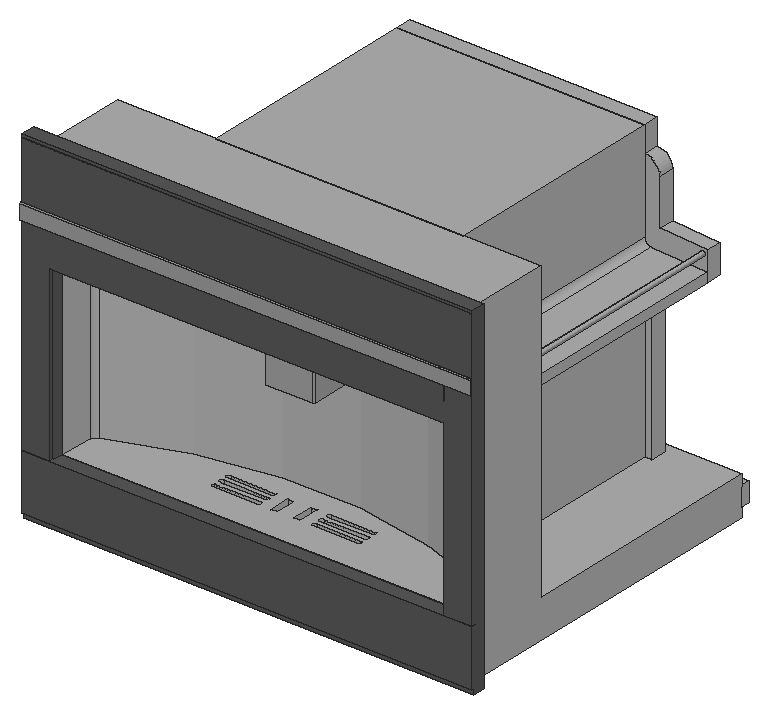
Revit family "FP-Revit20-en-EB60DSX1-CoffeeMaker-0-9000xxxx-AU-NZ-UK-IE-SG-EU", category Generic Models, Revit 2020
Family settings
  Can host rebar = No
  Round Connector Dimension = Use Diameter
  Part Type = Normal
  Work Plane-Based = No
  Always vertical = Yes
  Cut with Voids When Loaded = No
  Shared = No
  Room Calculation Point = No
Parameters (values of type "EB60DSX1")
  URL = "www.fisherpaykel.com"
  Product - width = 596 mm  # constant formula
  Product - Overall width = 596 mm  # constant formula
  Product - Overall height = 458 mm  # constant formula
  Product - Overall depth = 480 mm  # constant formula
  Model = "EB60DSX1"
  Material - Trim = Fisher & Paykel - Stainless Steel
  Manufacturer = "Fisher & Paykel Appliances"
  Material - Glass = Fisher & Paykel - Glass, Black
  Description = "Built-in Coffee Maker, 60cm"
  Default Elevation = 0 mm
  Connector Note = "220-240 V, 50Hz, 10 A"
  Chassis - width = 560 mm  # constant formula
  Chassis - Height = 445 mm  # constant formula
  Chassis - Depth = 460 mm  # constant formula
  Material - Chassis = Fisher & Paykel - Aluminium
  Cavity - minimum width = 560 mm  # constant formula
  Cavity - minimum height = 450 mm  # constant formula
  Cavity - minimum depth = 545 mm  # constant formula
Reference planes
  plane 1 "Center (Front/Back)": y = 0
  plane 2: z = 0
  plane 3 "Center (Left/Right)": x = 0
  plane 4 "Product - Overall depth ( excludes front metal rim)": y = 460
  plane 5 "Chassis LHS": x = -280
  plane 6 "Chassis RHS": x = 280
  plane 7 "Product - Overall height": z = 458
  plane 8 "Chassis - Depth": y = 460
  plane 9: x = 298
  plane 10: x = -298
  plane 11 "Chassis - Height": z = 445
  plane 12 "Cavity - minimum height": z = 450
  plane 13 "Cavity - minimum depth": y = 545
  plane 14: x = -280
  plane 15: x = 280
  plane 16: y = 415.81
  plane 17: z = 82.85
  plane 18: z = 337.8
  plane 19: z = 223.8
  plane 20: y = 105.99
  plane 21: y = 436.81
  plane 22: y = -20
Forms (mm)
  Extrusion 1, solid, material "Fisher & Paykel - Aluminium" <- "Material - Chassis"
    sketch origin (280, 320, 1200) x (0, -1, 0) y (0, 0, -1)
      loop
        line (203.99, 1148.1) -> (203.99, 755) -> (320, 755) -> (320, 1200) -> (-130.02, 1200) -> (-130.02, 1148.1) -> (203.99, 1148.1)
    from 0 to -560
  Extrusion 2, solid, material "Fisher & Paykel - Aluminium" <- "Material - Chassis"
    sketch origin (280, 320, 1200) x (0, -1, 0) y (0, 0, -1)
      loop
        line (-130.02, 1161.04) -> (-130.02, 1187.1) -> (-140, 1187.1) -> (-140, 1161.04) -> (-130.02, 1161.04)
    from 0 to -560
  Extrusion 3, void
    sketch origin (0, 0, 0) x (1, 0, 0) y (0, 1, 0)
      loop
        line (280, 0) -> (280, 545) -> (-280, 545) -> (-280, 0) -> (280, 0)
    from 0 to 450
  Extrusion 4, solid, material "Fisher & Paykel - Aluminium" <- "Material - Chassis"
    sketch origin (-240, 415.81, 1200) x (1, 0, 0) y (0, 0, 1)
      loop
        line (418, -755) -> (89.977, -755) -> (89.977, -789.634)
        arc (89.977, -789.634) -> (75.851, -795.486) -> (70, -809.611) r 19.977
        line (70, -809.611) -> (70, -870.442) -> (-21.967, -874.057) -> (-21.967, -912.701) -> (70, -916.301) -> (70, -1148.1) -> (120, -1148.1) -> (120, -797.462) -> (385.224, -797.462) -> (385.224, -1148.1) -> (428.072, -1148.1) -> (428.072, -916.301) -> (501.48, -913.095) -> (501.48, -874.451) -> (437.977, -870.586) -> (437.977, -809.2)
        arc (437.977, -809.2) -> (432.126, -795.074) -> (418, -789.223) r 19.977
        line (418, -789.223) -> (418, -755)
    from 0 to -21
  Extrusion 5, solid, material "Fisher & Paykel - Aluminium" <- "Material - Chassis"
    sketch origin (0, 0, 0) x (1, 0, 0) y (0, 1, 0)
      loop
        line (-150, 415.81) -> (-150, 116.01) -> (178, 116.01) -> (178, 415.81) -> (-150, 415.81)
    from 0 to 445
  Extrusion 6, solid, material "Fisher & Paykel - Aluminium" <- "Material - Chassis"
    sketch origin (280, 116.01, 51.9) x (0, 0, 1) y (1, 0, 0)
      loop
        line (248.347, -541.967) -> (251.508, -439.689)
        arc (251.508, -439.689) -> (254.542, -432.82) -> (261.502, -430) r 9.998
        line (261.502, -430) -> (221.348, -430)
        arc (221.348, -430) -> (228.278, -432.791) -> (231.34, -439.606) r 10
        line (231.34, -439.606) -> (235.385, -541.967) -> (248.347, -541.967)
      loop
        line (247.956, -18.52) -> (234.952, -18.52) -> (231.725, -92.436)
        arc (231.725, -92.436) -> (228.924, -99.199) -> (222.162, -102) r 9.563
        line (222.162, -102) -> (260.744, -102)
        arc (260.744, -102) -> (254.283, -99.487) -> (251.217, -93.269) r 9.564
        line (251.217, -93.269) -> (247.956, -18.52)
      loop
        circle (268.37, -535.488) r 2.947
      loop
        circle (267.958, -24.512) r 2.947
    from 0 to 299.8
  Extrusion 7, solid, material "Fisher & Paykel - Glass, Black" <- "Material - Glass"
    sketch origin (-298, -6.5, 1200) x (0, 1, 0) y (0, 0, -1)
      loop
        line (6.5, 741.968) -> (6.5, 1199) -> (-9.5, 1199) -> (-9.5, 1191) -> (-13.5, 1191) -> (-13.5, 1117.15) -> (-6.5, 1117.15) -> (-6.5, 1116.1) -> (-13.5, 1116.1) -> (-13.5, 745.801)
        arc (-13.5, 745.801) -> (-12.688, 745.211) -> (-11.707, 745) r 2.426
        line (-11.707, 745) -> (-13.5, 745) -> (-13.5, 741.968) -> (6.5, 741.968)
    from 0 to -596
  Extrusion 8, void
    sketch origin (-250, -1524, 82.85) x (0, -1, 0) y (-1, 0, 0)
      loop
        line (-1567.308, -508.097) -> (-1524, -510.211) -> (-1507.85, -511) -> (-1504, -511) -> (-1504, 11) -> (-1507.85, 11) -> (-1524, 10.211) -> (-1567.308, 8.097)
        arc (-1567.308, 8.097) -> (-1571.875, 6.578) -> (-1574.994, 2.912) r 8.947
        arc (-1574.994, 2.912) -> (-1630.581, -250) -> (-1574.994, -502.912) r 603.141
        arc (-1574.994, -502.912) -> (-1571.875, -506.578) -> (-1567.308, -508.097) r 8.947
    from 0 to -228.95
  Extrusion 9, solid, material "Default"
    sketch origin (-20, -1524, 223.8) x (0, -1, 0) y (-1, 0, 0)
      loop
        line (-1629.99, -53) -> (-1576.8, -53)
        arc (-1576.8, -53) -> (-1575.386, -52.414) -> (-1574.8, -51) r 2
        line (-1574.8, -51) -> (-1574.8, 10.993)
        arc (-1574.8, 10.993) -> (-1575.388, 12.412) -> (-1576.807, 13) r 2.007
        line (-1576.807, 13) -> (-1629.99, 13) -> (-1629.99, -53)
    from -99.7 to 0
  Extrusion 10, solid, material "Default"
    sketch origin (33, 105.99, 1200) x (-1, 0, 0) y (0, 0, 1)
      loop
        line (-30.15, -896.765) -> (-30.15, -912.089)
        arc (-30.15, -912.089) -> (-22.35, -919.89) -> (-14.549, -912.089) r 7.801
        line (-14.549, -912.089) -> (-14.549, -896.465) -> (-12.9, -896.465) -> (-12.9, -888.2) -> (-40.436, -888.2) -> (-40.436, -896.765) -> (-30.15, -896.765)
    from -44.98 to 0
  Extrusion 11, solid, material "Fisher & Paykel - Aluminium" <- "Material - Chassis"
    sketch origin (33, 61.01, 1200) x (1, 0, 0) y (0, 0, 1)
      loop
        line (24.047, -919.703) -> (24.047, -887.115) -> (20.653, -887.115) -> (20.653, -919.703)
        arc (20.653, -919.703) -> (22.35, -919.89) -> (24.047, -919.703) r 7.801
    from 0 to 13.5
  Extrusion 12, solid
    sketch origin (-150, 415.81, 0) x (1, 0, 0) y (0, 0, -1)
      loop
        line (265.224, -131.056) -> (265.224, -76.056) -> (225.224, -76.056) -> (225.224, -131.056) -> (265.224, -131.056)
    from 0 to 1.19
  Extrusion 13, solid
    sketch origin (-150, 415.81, 0) x (1, 0, 0) y (0, 0, -1)
      loop
        line (257.224, -123.056) -> (257.224, -84.056) -> (233.224, -84.056) -> (233.224, -123.056) -> (257.224, -123.056)
    from 1.19 to 21
  Extrusion 14, solid
    sketch origin (107.224, 415.81, 123.056) x (-1, 0, 0) y (0, -1, 0)
      loop
        circle (11.367, -15) r 5
    from 0 to 19.944
  Extrusion 15, void
    sketch origin (-250, -1524, 82.85) x (0, -1, 0) y (-1, 0, 0)
      loop
        line (-1597.7, -286.788) -> (-1597.7, -346.162)
        arc (-1597.7, -346.162) -> (-1594.7, -349.162) -> (-1591.7, -346.162) r 3
        line (-1591.7, -346.162) -> (-1591.7, -286.788)
        arc (-1591.7, -286.788) -> (-1594.7, -283.788) -> (-1597.7, -286.788) r 3
      loop
        line (-1585.7, -286.788) -> (-1585.7, -346.162)
        arc (-1585.7, -346.162) -> (-1582.7, -349.162) -> (-1579.7, -346.162) r 3
        line (-1579.7, -346.162) -> (-1579.7, -286.788)
        arc (-1579.7, -286.788) -> (-1582.7, -283.788) -> (-1585.7, -286.788) r 3
      loop
        line (-1573.7, -286.788) -> (-1573.7, -346.162)
        arc (-1573.7, -346.162) -> (-1570.7, -349.162) -> (-1567.7, -346.162) r 3
        line (-1567.7, -346.162) -> (-1567.7, -286.788)
        arc (-1567.7, -286.788) -> (-1570.7, -283.788) -> (-1573.7, -286.788) r 3
      loop
        arc (-1597.7, -213.212) -> (-1594.7, -216.212) -> (-1591.7, -213.212) r 3
        line (-1591.7, -213.212) -> (-1591.7, -153.838)
        arc (-1591.7, -153.838) -> (-1594.7, -150.838) -> (-1597.7, -153.838) r 3
        line (-1597.7, -153.838) -> (-1597.7, -213.212)
      loop
        arc (-1585.7, -213.212) -> (-1582.7, -216.212) -> (-1579.7, -213.212) r 3
        line (-1579.7, -213.212) -> (-1579.7, -153.838)
        arc (-1579.7, -153.838) -> (-1582.7, -150.838) -> (-1585.7, -153.838) r 3
        line (-1585.7, -153.838) -> (-1585.7, -213.212)
      loop
        arc (-1573.7, -213.212) -> (-1570.7, -216.212) -> (-1567.7, -213.212) r 3
        line (-1567.7, -213.212) -> (-1567.7, -153.838)
        arc (-1567.7, -153.838) -> (-1570.7, -150.838) -> (-1573.7, -153.838) r 3
        line (-1573.7, -153.838) -> (-1573.7, -213.212)
      loop
        line (-1597.102, -230.51) -> (-1597.102, -239.51) -> (-1568.102, -239.51) -> (-1568.102, -230.51) -> (-1597.102, -230.51)
      loop
        line (-1597.102, -260.49) -> (-1597.102, -269.49) -> (-1568.102, -269.49) -> (-1568.102, -260.49) -> (-1597.102, -260.49)
    from 0 to 9.95
  Extrusion 16, solid, material "Fisher & Paykel - Glass, Black" <- "Material - Glass"
    sketch origin (0, 0, 0) x (1, 0, 0) y (0, 0, 1)
      loop
        line (261.188, 337.8) -> (261.188, 357.8) -> (-261.188, 357.8) -> (-261.188, 337.8) -> (261.188, 337.8)
    from 0 to 20
  Extrusion 17, solid, material "Fisher & Paykel - Stainless Steel" <- "Material - Trim"
    sketch origin (280, 320, 1200) x (0, -1, 0) y (0, 0, -1)
      loop
        line (340, 822.221) -> (341, 822.221) -> (342, 824.2) -> (342, 842.2) -> (340, 842.2) -> (340, 822.221)
    from -578 to 18
Cuts and joins
  joined: Extrusion 5, Extrusion 11
  Extrusion 8 cuts Extrusion 7
  Extrusion 8, Extrusion 15 cuts Extrusion 1
Dimensions and locks
  equal spacing: plane 5 "Chassis LHS", plane 3 "Center (Left/Right)", plane 6 "Chassis RHS", locked at 280 each
  "Chassis - width": plane 5 "Chassis LHS" to plane 6 "Chassis RHS"
  "Product - Overall height": plane 7 "Product - Overall height" to level
  "Product - Overall depth": plane 22 to plane 4 "Product - Overall depth ( excludes front metal rim)"
  "Chassis - Depth": plane 8 "Chassis - Depth" to plane 1 "Center (Front/Back)"
  "Product - Overall width": plane 10 to plane 9
  "Chassis - Height": plane 11 "Chassis - Height" to level
  "Cavity - minimum height": plane 12 "Cavity - minimum height" to level
  "Cavity - minimum depth": plane 13 "Cavity - minimum depth" to plane 1 "Center (Front/Back)"
  "Cavity - minimum width": plane 14 to plane 15
  locked: plane 1 "Center (Front/Back)" to plane 21 at 436.81
  aligned and locked: level to plane 2
  aligned and locked: Extrusion 1 sketch curve to level
  aligned and locked: Extrusion 1 sketch curve to plane 1 "Center (Front/Back)"
  aligned and locked: plane 5 "Chassis LHS" to Extrusion 1
  aligned and locked: Extrusion 1 to Extrusion 2 sketch curve
  aligned and locked: Extrusion 2 sketch curve to plane 8 "Chassis - Depth"
  aligned and locked: plane 5 "Chassis LHS" to Extrusion 2
  aligned and locked: Extrusion 3 sketch curve to plane 1 "Center (Front/Back)"
  aligned and locked: Extrusion 3 sketch curve to plane 13 "Cavity - minimum depth"
  aligned and locked: Extrusion 3 sketch curve to plane 15
  aligned and locked: Extrusion 3 sketch curve to plane 14
  aligned and locked: plane 12 "Cavity - minimum height" to Extrusion 3
  aligned and locked: Extrusion 1 to Extrusion 5 sketch curve
  aligned and locked: Extrusion 4 to Extrusion 5 sketch curve
  aligned and locked: Extrusion 5 to Extrusion 1
  aligned and locked: Extrusion 1 to Extrusion 5
  aligned and locked: Extrusion 5 to Extrusion 6 sketch curve  (x2)
  aligned and locked: Extrusion 6 to Extrusion 1
  aligned and locked: Extrusion 7 sketch curve to plane 1 "Center (Front/Back)"
  aligned and locked: Extrusion 7 to Extrusion 8 sketch curve
  aligned and locked: Extrusion 10 to Extrusion 9
  aligned and locked: Extrusion 11 sketch curve to Extrusion 10
  aligned and locked: plane 9 to Extrusion 7
  aligned and locked: plane 10 to Extrusion 7
  aligned and locked: Extrusion 6 to plane 16
  aligned and locked: Extrusion 4 to Extrusion 6
  aligned and locked: Extrusion 4 to Extrusion 13
  aligned and locked: Extrusion 4 to plane 21
  aligned and locked: Extrusion 4 to cut or joined group of Extrusion 5, Extrusion 11
  aligned and locked: Extrusion 2 to plane 4 "Product - Overall depth ( excludes front metal rim)"
  aligned and locked: Extrusion 16 to cut or joined group of Extrusion 7, Extrusion 8
  aligned and locked: cut or joined group of Extrusion 7, Extrusion 8 to Extrusion 17 sketch curve
  aligned and locked: Extrusion 16 to Extrusion 17 sketch curve
  aligned and locked: plane 9 to Extrusion 17
  aligned and locked: plane 10 to Extrusion 17
Automatic sketch dimensions
  level to Extrusion 4 sketch curve = 51.9 mm
  Extrusion 4 sketch curve to Extrusion 4 sketch curve = 12.149 mm
  Extrusion 4 sketch curve to Extrusion 4 sketch curve = 11.738 mm
  Extrusion 1 to Extrusion 6 sketch curve = 92.436 mm
  Extrusion 1 to Extrusion 6 sketch curve = 120.394 mm
  Extrusion 6 sketch curve to Extrusion 6 sketch curve = 9.563 mm
  Extrusion 6 sketch curve to Extrusion 6 sketch curve = 9.992 mm
  Extrusion 1 to Extrusion 6 sketch curve = 93.269 mm
  Extrusion 1 to Extrusion 6 sketch curve = 120.311 mm
  Extrusion 6 sketch curve to Extrusion 6 sketch curve = 9.528 mm
  Extrusion 6 sketch curve to Extrusion 6 sketch curve = 9.993 mm
  Extrusion 6 sketch curve to Extrusion 6 sketch curve = 20.001 mm
  Extrusion 6 sketch curve to Extrusion 6 sketch curve = 20.023 mm
  Extrusion 6 sketch curve to Extrusion 6 sketch curve = 6.478 mm
  Extrusion 6 sketch curve to Extrusion 6 sketch curve = 0.395 mm
  Extrusion 6 sketch curve to Extrusion 6 sketch curve = 9.998 mm
  Extrusion 6 sketch curve to Extrusion 6 sketch curve = 5.992 mm
  Extrusion 6 sketch curve to Extrusion 6 sketch curve = 0 mm  (x3)
  Extrusion 7 sketch curve to Extrusion 7 sketch curve = 1.801 mm
  Extrusion 7 sketch curve to Extrusion 7 sketch curve = 1.793 mm  (x2)
  Extrusion 7 sketch curve to Extrusion 7 sketch curve = 0.801 mm
  Extrusion 7 sketch curve to plane 7 "Product - Overall height" = 0.032 mm
  Extrusion 9 sketch curve to Extrusion 9 sketch curve = 2.007 mm
  Extrusion 9 sketch curve to Extrusion 9 sketch curve = 2 mm
  Extrusion 10 sketch curve to Extrusion 10 sketch curve = 15.324 mm
  Extrusion 14 sketch curve to Extrusion 13 = 11.367 mm
  Extrusion 13 to Extrusion 14 sketch curve = 6 mm
  plane 11 "Chassis - Height" to Extrusion 1 sketch curve = 0 mm
  Extrusion 1 sketch curve to plane 20 = 10.02 mm
  plane 8 "Chassis - Depth" to Extrusion 1 sketch curve = 9.98 mm
  Extrusion 1 sketch curve to plane 17 = 30.95 mm
  Extrusion 2 sketch curve to level = 12.9 mm
  Extrusion 2 sketch curve to Extrusion 2 sketch curve = 26.06 mm
  Extrusion 4 sketch curve to plane 11 "Chassis - Height" = 0 mm
  Extrusion 4 sketch curve to plane 5 "Chassis LHS" = 18.033 mm
  Extrusion 4 sketch curve to Extrusion 4 sketch curve = 91.967 mm
  Extrusion 4 sketch curve to Extrusion 4 sketch curve = 0 mm
  Extrusion 4 sketch curve to Extrusion 4 sketch curve = 19.977 mm
  Extrusion 4 sketch curve to Extrusion 4 sketch curve = 30.023 mm
  plane 17 to Extrusion 4 sketch curve = 30.95 mm
  Extrusion 4 sketch curve to plane 6 "Chassis RHS" = 134.776 mm
  Extrusion 4 sketch curve to Extrusion 4 sketch curve = 32.776 mm
  Extrusion 4 sketch curve to Extrusion 4 sketch curve = 42.848 mm
  plane 18 to Extrusion 4 sketch curve = 8.386 mm
  Extrusion 4 sketch curve to Extrusion 4 sketch curve = 9.905 mm
  Extrusion 4 sketch curve to plane 6 "Chassis RHS" = 18.52 mm
  plane 18 to Extrusion 4 sketch curve = 54.101 mm
  Extrusion 4 sketch curve to Extrusion 4 sketch curve = 45.715 mm
  plane 18 to Extrusion 4 sketch curve = 50.895 mm
  plane 18 to Extrusion 4 sketch curve = 50.501 mm
  plane 18 to Extrusion 4 sketch curve = 12.251 mm
  plane 18 to Extrusion 4 sketch curve = 11.857 mm
  plane 18 to Extrusion 4 sketch curve = 8.242 mm
  Extrusion 4 sketch curve to plane 18 = 52.589 mm
  Extrusion 5 sketch curve to plane 5 "Chassis LHS" = 130 mm
  Extrusion 5 sketch curve to plane 6 "Chassis RHS" = 102 mm
  Extrusion 6 sketch curve to Extrusion 1 = 171.752 mm
  Extrusion 6 sketch curve to Extrusion 1 = 170.938 mm
  Extrusion 1 to Extrusion 6 sketch curve = 18.52 mm
  Extrusion 6 sketch curve to Extrusion 6 sketch curve = 3.227 mm
  Extrusion 1 to Extrusion 6 sketch curve = 18.033 mm
  Extrusion 6 sketch curve to Extrusion 6 sketch curve = 4.045 mm
  Extrusion 6 sketch curve to Extrusion 6 sketch curve = 13.004 mm
  Extrusion 6 sketch curve to Extrusion 6 sketch curve = 12.962 mm
  Extrusion 6 sketch curve to Extrusion 6 sketch curve = 19.492 mm
  Extrusion 6 sketch curve to Extrusion 6 sketch curve = 20.168 mm
  plane 17 to Extrusion 7 sketch curve = 0 mm
  plane 17 to Extrusion 7 sketch curve = 1.05 mm
  Extrusion 7 sketch curve to plane 1 "Center (Front/Back)" = 13 mm
  Extrusion 7 sketch curve to plane 1 "Center (Front/Back)" = 16 mm
  Extrusion 7 sketch curve to plane 12 "Cavity - minimum height" = 2.574 mm
  Extrusion 7 sketch curve to plane 1 "Center (Front/Back)" = 18.199 mm
  Extrusion 7 sketch curve to Extrusion 7 sketch curve = 0 mm
  Extrusion 7 sketch curve to level = 9 mm
  Extrusion 7 sketch curve to level = 1 mm
  Extrusion 9 sketch curve to plane 20 = 0 mm
  Extrusion 9 sketch curve to plane 1 "Center (Front/Back)" = 52.807 mm
  Extrusion 9 sketch curve to plane 3 "Center (Left/Right)" = 33 mm
  plane 3 "Center (Left/Right)" to Extrusion 9 sketch curve = 31 mm
  plane 3 "Center (Left/Right)" to Extrusion 10 sketch curve = 73.436 mm
  Extrusion 10 sketch curve to Extrusion 10 sketch curve = 10.286 mm
  Extrusion 10 sketch curve to Extrusion 10 sketch curve = 7.801 mm
  Extrusion 10 sketch curve to Extrusion 10 sketch curve = 1.649 mm
  Extrusion 10 sketch curve to Extrusion 10 sketch curve = 8.265 mm
  Extrusion 10 sketch curve to Extrusion 10 sketch curve = 8.565 mm
  Extrusion 10 to Extrusion 11 sketch curve = 1.085 mm
  Extrusion 11 sketch curve to Extrusion 10 = 6.104 mm
  Extrusion 11 sketch curve to Extrusion 11 sketch curve = 3.394 mm
  Extrusion 5 to Extrusion 12 sketch curve = 102.776 mm
  Extrusion 12 sketch curve to Extrusion 12 sketch curve = 40 mm
  Extrusion 5 to Extrusion 12 sketch curve = 131.056 mm
  Extrusion 12 sketch curve to Extrusion 12 sketch curve = 55 mm
  Extrusion 5 to Extrusion 13 sketch curve = 94.776 mm
  Extrusion 13 sketch curve to Extrusion 13 sketch curve = 24 mm
  Extrusion 5 to Extrusion 13 sketch curve = 123.056 mm
  Extrusion 13 sketch curve to Extrusion 13 sketch curve = 39 mm
  plane 1 "Center (Front/Back)" to Extrusion 8 sketch curve = 0 mm  (x2)
  Extrusion 8 sketch curve to plane 3 "Center (Left/Right)" = 0 mm
  Extrusion 8 sketch curve to plane 1 "Center (Front/Back)" = 42.872 mm  (x2)
  Extrusion 8 sketch curve to plane 5 "Chassis LHS" = 21.903 mm
  Extrusion 8 sketch curve to Extrusion 8 sketch curve = 0.436 mm  (x2)
  Extrusion 8 sketch curve to plane 6 "Chassis RHS" = 21.903 mm
  Extrusion 8 sketch curve to Extrusion 8 sketch curve = 3.85 mm  (x2)
  plane 1 "Center (Front/Back)" to Extrusion 8 sketch curve = 496.559 mm
  Extrusion 8 sketch curve to plane 5 "Chassis LHS" = 19.789 mm
  Extrusion 8 sketch curve to plane 5 "Chassis LHS" = 19 mm
  Extrusion 8 sketch curve to Extrusion 8 sketch curve = 8.936 mm  (x2)
  Extrusion 8 sketch curve to plane 6 "Chassis RHS" = 19.789 mm
  Extrusion 8 sketch curve to plane 6 "Chassis RHS" = 19 mm
  Extrusion 8 sketch curve to Extrusion 8 sketch curve = 0 mm
  Extrusion 15 sketch curve to Extrusion 15 sketch curve = 3 mm  (x6)
  Extrusion 15 sketch curve to Extrusion 15 sketch curve = 6 mm  (x4)
  Extrusion 15 sketch curve to plane 3 "Center (Left/Right)" = 96.162 mm
  Extrusion 15 sketch curve to Extrusion 15 sketch curve = 0 mm  (x8)
  plane 3 "Center (Left/Right)" to Extrusion 15 sketch curve = 36.788 mm
  Extrusion 15 sketch curve to Extrusion 15 sketch curve = 59.375 mm
  Extrusion 15 sketch curve to Extrusion 15 sketch curve = 17.298 mm
  Extrusion 15 sketch curve to Extrusion 15 sketch curve = 0.402 mm  (x2)
  Extrusion 15 sketch curve to plane 20 = 32.29 mm  (x2)
  Extrusion 15 sketch curve to plane 3 "Center (Left/Right)" = 10.49 mm
  Extrusion 15 sketch curve to Extrusion 15 sketch curve = 0.598 mm  (x2)
  Extrusion 15 sketch curve to Extrusion 15 sketch curve = 26.298 mm
  plane 3 "Center (Left/Right)" to Extrusion 15 sketch curve = 10.49 mm
  Extrusion 15 sketch curve to Extrusion 15 sketch curve = 9 mm
  plane 18 to Extrusion 10 sketch curve = 49.889 mm
  Extrusion 16 sketch curve to plane 18 = 0 mm
  Extrusion 16 sketch curve to plane 5 "Chassis LHS" = 18.812 mm
  Extrusion 16 sketch curve to plane 18 = 20 mm
  Extrusion 17 sketch curve to Extrusion 17 sketch curve = 2 mm
  Extrusion 17 sketch curve to Extrusion 17 sketch curve = 19.979 mm
  Extrusion 17 sketch curve to Extrusion 17 sketch curve = 1 mm
  Extrusion 17 sketch curve to Extrusion 17 sketch curve = 1.979 mm
  plane 15 to Extrusion 16 sketch curve = 18.812 mm
  radius of Extrusion 6 sketch curve = 2.947 mm  (x2)
  radius of Extrusion 14 sketch curve = 5 mm
Connectors
  electrical at (95.857, 430.81, 143), driven by "Connector Note"
    settings: on Extrusion 14, index 1, voltage 0 V, apparent load 0 VA, apparent load phase1 0 VA, apparent load phase2 0 VA, apparent load phase3 0 VA, power factor 1, load classification "Other", number of poles 1, system type 31, power factor state 1, is connector primary yes, connector utility no, sub classification motor no, connector description "220-240 V, 50Hz, 10 A"
